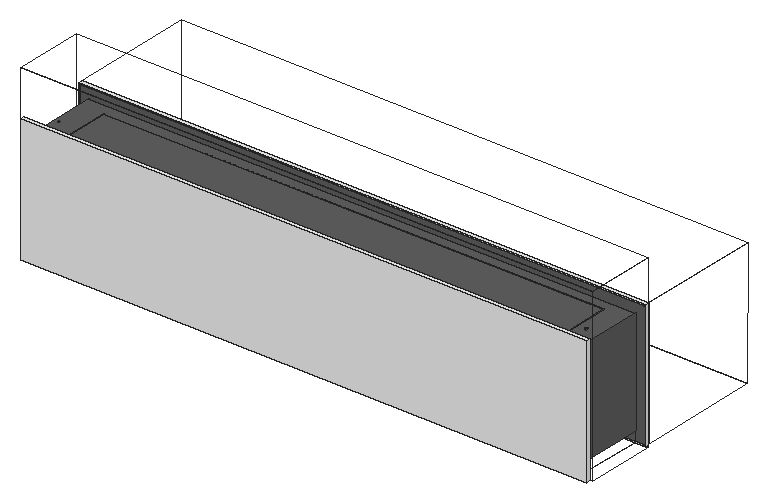
Revit family "AIRTECNICS_AIR CURTAIN_ZEN_DX-VRV_(DAIKIN)123", category Mechanical Equipment, Revit 2016
Family settings
  Part Type = Normal
  Round Connector Dimension = Use Diameter
  OmniClass Number = 23.75.70.21.17
  OmniClass Title = Air Curtains
  Work Plane-Based = No
  Always vertical = Yes
  Cut with Voids When Loaded = No
  Shared = No
  Room Calculation Point = No
Parameters (values of type "ZEN ECG 2000 DX/VRV-DA")
  · POSITION · [instance] = "-/ Select Curtain Position /-"  # constant formula
  · PIPES POSITION · [instance] = "-/ Select Pipes Position /-"  # constant formula
  · OTHERS · [instance] = "-/ Select Supports - Inst.Maint. Space /-"  # constant formula
  · HEATING · [instance] = "-/ Select Heating /-"  # constant formula
  · EXTERNAL UNIT · [instance] = "-/ Select External Unit Type /-"  # constant formula
  · COIL ROWS · [instance] = "-/ Select DX Coil Rows /-"  # constant formula
  Weight [instance] = size_lookup(Name_Lookup_Data, "Weight", 1.00 kg, COD)  # 78.00 kg
  Voltage = 230 V  # constant formula
  URL_Manufacturer = "https://www.airtecnics.com/"
  URL_Datasheet = "https://www.airtecnics.com/download/file/5860/zen-dx-daikin-1-1-and-vrv.pdf"
  Triple Phase (External Ut.) [instance] = yes
  Supports Length [instance] = 0.0 mm
  Supports (Horizontal) [instance] = if(and(Horizontal, Supports Length > 0.0 mm), 1 = 1, 1 = 0)  # no
  Single Phase (External Ut.) [instance] = not([Triple Phase (External Ut.)])  # no
  Revit Version = "Revit 2016 - English"  # constant formula
  Review Date = "10/2018"  # constant formula
  Remote Control = "-"  # constant formula
  URL = "https://www.airtecnics.com/products/heat-pump-air-curtain-zen-dx-for-daikin"
  Refrigerant Pipes_P4 [instance] = no
  Refrigerant Pipes_P3 [instance] = no
  Refrigerant Pipes_P2 [instance] = if(or(Refrigerant Pipes_P1, Refrigerant Pipes_P3, Refrigerant Pipes_P4), 1 = 0, 1 = 1)  # yes
  Refrigerant Pipes_P1 [instance] = no
  REF [instance] = if(DX 1:1, 1, 0) + if(L = 1000.0 mm, 10, 0) + if(L = 1500.0 mm, 20, 0) + if(L = 2000.0 mm, 40, 0) + if(L = 2500.0 mm, 80, 0) + if([DX Coil Rows = 3], 100, 0) + if([Triple Phase (External Ut.)], 1000, 0)  # 1041
  Product Size = if(L = 1000.0 mm, "1000", if(L = 1500.0 mm, "1500", if(L = 2000.0 mm, "2000", "2500")))  # "2000"
  Product Reference [instance] = size_lookup(Name_Lookup_Ref, "", "Consult Manufacturer", COD)  # "ZEN ECG 2000 DX24-DA"
  Product Heating [instance] = if(DX 1:1, "Direct Expansion 1:1 system", "Direct Expansion VRF system")  # "Direct Expansion 1:1 system"
  Product Description [instance] = size_lookup(Name_Lookup_Data, "", "Consult Manufacturer", COD)  # "Decorative energy saving heat pump air curtain in contemporary architectural style: Up to 70% reduction in costs and CO2 emissions (heating mode).\r\nIts minimalist and smart design integrates in any environment and offers infinite options to customize.\r\nThe panels can include logos, lighting, signage, safety or information signs, graphics, pictures, clocks, all according to customer specifications.\r\nFront anodized aluminium panels. Optionally manufactured in brushed or mirror polished stainless steel. Other materials are possible, such as galvanized steel, smooth or texturated skinplate, wood, etc.\r\nCentral structure made of galvanized steel finished in black forge as standard. Other colours are available on request. \r\nAnodized aluminium outlet vanes, airfoil shaped, adjustable in both directions.\r\nDouble-inlet centrifugal fans driven by an external rotor motor and low noise level. 5-speed selector. EC models assembled with very low consumption efficiency fans. \r\nIncludes only heating direct expansion coil with installed temperature sensors.\r\nPlug&Play control panel CS-5DX-NE slave DX with 5 speeds selector and 7m telephone cable included.\r\nReady to connect to DAIKIN Inverter outdoor heat pump unit (R410A) and EKEXV200 expansion valve not included, the customer should purchase it.\r\nRequires EKEQDCB DAIKIN DX Interface KIT adapted for air curtain and BRC1H519W programmable control, please consult.\r\nAir Volume: 4380 m3/h \r\nFans:  0,426 kW  3,72 A 230Vx1 50/60Hz\r\nHeating capacity: 23,63 kW\r\nDimensions: 291x473x2120 mm (depth, height, length)\r\nNOT SUPPLIED BY AIRTÈCNICS:\r\nEKEQDCB Interface DX kit and BRC1H519W programmable control.\r\nExpansion valve EKEXV200.\r\nExternal unit:\r\n ERQ 200 AW1External unit Daikin, triple phase motor 400Vx3 50Hz.\r\nHeating capacity 25kW. Heating power: 5,56kW. COP 4,5.\r\nCooling capacity 22,4kW. Cooling power 5,22kW. EER 4,29.\r\nCooling circuits 3/4\" - 3/8\".\r\nMaximum length 55m.\r\nDesnivell màxim 30m."
  Power Fans Factor [instance] = 0.5  # constant formula
  Power Fans [instance] = size_lookup(Name_Lookup_Data, "Power Fans", 1 kW, COD)  # 0.426 kW
  Noise Level (dB(A)) [instance] = size_lookup(Name_Lookup_Data, "Noise Level (dB(A))", 1, COD)  # 63
  Name_Lookup_Ref_EU = "ZEN_(DX DA)_Ref-EU_Lookup"  # constant formula
  Name_Lookup_Ref = "ZEN_(DX DA)_Ref_Lookup"  # constant formula
  Name_Lookup_Data = "ZEN_(DX DA)_Data_Lookup"  # constant formula
  Model = "Air Curtain ZEN DX/VRV DA"  # constant formula
  Material Panels [instance] = AIRTECNICS_Alumium Anodized
  Material Grille = AIRTECNICS_Perforated_Black Forge
  Material Curtain [instance] = AIRTECNICS_Black Forge
  Mainfolds [instance] = if(and([DX Coil Rows = 3], L = 2500.0 mm), "3/4'' & 3/8''", if(L = 2500.0 mm, "7/8'' & 3/4''", if(L = 2000.0 mm, "3/4'' & 3/8''", "5/8'' & 3/8''")))  # "3/4'' & 3/8''"
  Length = if(L = 1000.0 mm, 1220.0 mm, if(L = 1500.0 mm, 1620.0 mm, if(L = 2000.0 mm, 2120.0 mm, 2620.0 mm)))  # 2120.0 mm
  Height = 473.0 mm  # constant formula
  Gas Coil Volume [instance] = size_lookup(Name_Lookup_Data, "Gas Coil Volume", 1000.00 L, COD)  # 4.10 L
  G = 1 = 1  # yes
  Frequency = 50 Hz  # constant formula
  Fans Stage = 5  # constant formula
  Family Version = "1.0"  # constant formula
  External Ut. Reference [instance] = size_lookup(Name_Lookup_Ref_EU, "", "Consult Manufacturer", REF)  # "ERQ 200 AW1"
  Expansion Valve [instance] = if(COD = 80, "EKEXV 250", if(or(COD = 180, COD = 81, COD = 181, COD = 40, COD = 140, COD = 41), "EKEXV 200", if(or(COD = 20, COD = 21), "EKEXV 125", if(or(COD = 120, COD = 121, COD = 10), "EKEXV 100", if(COD = 11, "EKEXV 80", "Consult Manufacturer")))))  # "EKEXV 200"
  EC = 1 = 1  # yes
  Dn_Metric_Refrig_Liquid [instance] = if(and([DX Coil Rows = 3], L = 2500 mm), 10 mm, if(L = 2500 mm, 20 mm, 10 mm))  # 10 mm
  Dn_Metric_Refrig_Gas [instance] = if(and([DX Coil Rows = 3], L = 2500 mm), 20 mm, if(or(L = 2500 mm, L = 2000 mm), 20 mm, 16 mm))  # 20 mm
  Depth = 291.0 mm  # constant formula
  DX VRV [instance] = no
  DX Kit [instance] = if(DX VRV, "EKEQMCBA", "EKEQDCB")  # "EKEQDCB"
  DX Controller [instance] = "BRC1H519W"  # constant formula
  DX Coil Rows = 4 [instance] = yes
  DX Coil Rows = 3 [instance] = if([DX Coil Rows = 4], 1 = 0, 1 = 1)  # no
  DX 1:1 [instance] = not(DX VRV)  # yes
  Current Fans [instance] = size_lookup(Name_Lookup_Data, "Current Fans", 1 A, COD)  # 3.72 A
  Created by = "BIMETRICAL"  # constant formula
  Control [instance] = "CS-5DX-NE"  # constant formula
  Capacity_Frig_Liquid [instance] = 0.0 L/s
  Capacity_Frig_Gas [instance] = 0.0 L/s
  Cable = "CB7"  # constant formula
  COD [instance] = if(DX 1:1, 1, 0) + if(L = 1000.0 mm, 10, 0) + if(L = 1500.0 mm, 20, 0) + if(L = 2000.0 mm, 40, 0) + if(L = 2500.0 mm, 80, 0) + if([DX Coil Rows = 3], 100, 0)  # 41
  Aspiration/Maintenance Space [instance] = yes
  Apparent Load [instance] = size_lookup(Name_Lookup_Data, "Apparent Load", 1 VA, COD)  # 852 VA
  Airflow [instance] = size_lookup(Name_Lookup_Data, "Airflow", 1 m³/h, COD)  # 4380 m³/h
  A [instance] = if(Horizontal, 236.5 mm, 0.0 mm)  # 236.5 mm
  L = 2000.0 mm
  Type Image = <None>
  IfcExportType = "DXCOOLINGCOIL"  # constant formula
  IfcExportAs = "IfcCoilType"  # constant formula
  Horizontal [instance] = 1 = 1  # yes
  Manufacturer = "AIRTECNICS"  # constant formula
  Description = ""
  Type Comments = "Decorative air curtain in contemporary architectural style. Its minimalist and smart design integrates in any environment and offers infinite options to customize.\r\nThe panels can include logos, lighting, signage, safety or information signs, graphics, pictures, clocks, all according to customer specifications.\r\nFront anodized aluminium panels. Optionally manufactured in brushed or mirror polished stainless steel. Other materials are possible, such as galvanized steel, smooth or texturated skinplate, wood, etc.\r\nCentral structure made of galvanized steel finished in black forge as standard. Other colours are available on request.\r\nAnodized aluminium outlet vanes, airfoil shaped, adjustable in both directions.\r\nDouble-inlet centrifugal fans driven by an external rotor motor and low noise level. 5-speed selector. EC models assembled with very low consumption efficiency fans.\r\n“P” type with water heated coil. “E” type with electrical shielded elements, three stages with integrated regulation. “A” type without heating, air only. Optional expansion DX coil.\r\nIncludes Plug&Play control with 7m RJ45 cable and infrared remote control. Optional: Clever control (programmable, automatic, intelligent, energy saving, Modbus RTU for BMS…)"  # constant formula
  BIMETRICAL Category = "Coil"  # constant formula
  BIMETRICAL = "http://www.bimetrical.com"  # constant formula
  Angle [instance] = if(Horizontal, 0.00°, 90.00°)  # 0.00°
Reference planes
  plane 1 "Centro (Frontal/Posterior)": z = 0
  plane 2: y = 246.57
  plane 3 "Centro (Izquierda/Derecha)": x = 0
  plane 4 "Susp": z = 236.5
Lines and regions (mm)
  reference lines
    curve 1: line (0, 246.57, 236.5) -> (-145, 246.57, 236.5)
Dimensions and locks
  locked: plane 2 to nested 1 at 145.5
  "A": plane 4 "Susp" to plane 1 "Centro (Frontal/Posterior)"
  "Angle": angle plane 4 "Susp" to curve 1
  aligned and locked: plane 3 "Centro (Izquierda/Derecha)" to curve 1
  aligned and locked: plane 4 "Susp" to curve 1
Nested families
  nested 1: "GEOM_ZEN_(DX)" at (0, 246.57, 236.5) x (0, 0, -1) z (1, 0, 0), type "GEOM_ZEN_(P)"
    with M 2066.5 mm, J 1014.0 mm, G 1022.0 mm, Dn_Metric_Refrig_Liquid 10 mm, COD 424, L 2000.0 mm, I 2044.0 mm, F 1990.0 mm, E 2120.0 mm, A 2015.0 mm
Connectors
  electrical at (-1007.5, 215.07, 433), driven by "Apparent Load", driven by "Voltage", driven by "Power Fans Factor", driven by "Apparent Load"
    settings: on nested 1, index 3, voltage 230 V, apparent load 852 VA, apparent load phase1 852 VA, apparent load phase2 0 VA, apparent load phase3 0 VA, power factor 0.5, load classification "HVAC", number of poles 1, system type 30, power factor state 1, is connector primary yes, connector utility no, sub classification motor no, connector description ""
  piping at (967, 155.07, 433), diameter 20, driven by "Dn_Metric_Refrig_Gas", driven by "Capacity_Frig_Gas"
    settings: on nested 1, index 4, connector inside diameter 609.6 mm, connector length 0.0 mm, flow factor 0, pipe flow 0.0 L/s, pressure drop 0.0 Pa, fitting loss kfactor 0, connector angle 0.00°, fixture units 0, engagement length 0.0 mm, angle of deflection 0.00°, flow configuration 1, flow direction 1, fitting loss method 0, system type 7, joint type 0, gender type 0, connector reference index -1, connector utility 0, adjustable connector no, is connector primary yes, connector description "In"
  piping at (967, 215.07, 433), diameter 10, driven by "Dn_Metric_Refrig_Liquid", driven by "Capacity_Frig_Liquid"
    settings: on nested 1, index 5, connector inside diameter 609.6 mm, connector length 0.0 mm, flow factor 0, pipe flow 0.0 L/s, pressure drop 0.0 Pa, fitting loss kfactor 0, connector angle 0.00°, fixture units 0, engagement length 0.0 mm, angle of deflection 0.00°, flow configuration 1, flow direction 2, fitting loss method 0, system type 8, joint type 0, gender type 0, connector reference index -1, connector utility 0, adjustable connector no, is connector primary no, connector description "Out"
Definition of nested family "GEOM_ZEN_(DX)"
  Parameters (values of type "GEOM_ZEN_(DX)")
    des.D = if(or(and(Vertical Right, V1), Horizontal), 361.0 mm, 0.0 mm)  # 361.0 mm
    des.C = if(or(and(Vertical Right, V1), Horizontal), 0.0 mm, 392.0 mm)  # 0.0 mm
    des.B = if(or(and(Vertical Right, V1), Horizontal), 0.0 mm, 298.3 mm)  # 0.0 mm
    Z = if(Horizontal, 0.0 mm, if(L = 1000.0 mm, E / 2 + 18.0 mm, E / 2 + 20.0 mm))  # 830.0 mm
    Vsup1 = if(and(Vsup, Horizontal, L_Sup > 0.0 mm), 1 = 1, 1 = 0)  # no
    Vsup = no
    Vs2 = if(L > 2000.0 mm, 1 = 1, 1 = 0)  # no
    Vs1 = if(L > 1000.0 mm, 1 = 1, 1 = 0)  # yes
    Vinst2 = if(or(Vinst1, not([Aspiration/Maintenance Space])), 1 = 0, 1 = 1)  # yes
    Vinst1 = if(and([Aspiration/Maintenance Space], V2), 1 = 1, 1 = 0)  # no
    Vertical Right = yes
    Vertical Left = if(Vertical Right, 1 = 0, 1 = 1)  # no
    Vertical = if(and(not(Horizontal), or(Vertical Right, Vertical Left)), 1 = 1, 1 = 0)  # yes
    V2 = if(Horizontal, 1 = 0, if(or(Horizontal, Vertical Left), 1 = 1, 1 = 0))  # no
    V1 = if(Horizontal, 1 = 1, if(and(Vertical Right, Vertical), 1 = 1, 1 = 0))  # yes
    Revit Version = "Revit 2016 - English"  # constant formula
    Review Date = "10/18"  # constant formula
    Refrigerant Pipes_P4 = no
    Refrigerant Pipes_P3 = no
    Refrigerant Pipes_P2 = yes
    Refrigerant Pipes_P1 = no
    O = if(L = 1000.0 mm, 54.5 mm, 52.5 mm)  # 52.5 mm
    Model = "ZEN DX"  # constant formula
    Material Perforated = none
    Material Panels = none
    Material Curtain = none
    Family Version = "2.0"  # constant formula
    Manufacturer = "AIRTECNICS"  # constant formula
    M = if(L = 1000.0 mm, L + 162.5 mm, L + 66.5 mm)  # 1566.5 mm
    Lookup_Dimensions.C2_Name = "C2_Dimensions_Lookup"  # constant formula
    Lookup_Dimensions.C1_Name = "C1_Dimensions_Lookup"  # constant formula
    L_Sup = 0.0 mm
    K = if(L = 2500.0 mm, 833.0 mm, 0.0 mm)  # 0.0 mm
    J = if(L = 1500.0 mm, 764.0 mm, if(L = 2000.0 mm, 1014.0 mm, if(L = 2500.0 mm, 847.0 mm, 573.5 mm)))  # 764.0 mm
    H = des.A + 51.0 mm  # 428.5 mm
    G = if(Vertical, I + 58.0 mm, F / 2 + 27.0 mm)  # 1602.0 mm
    Dn_Metric_Refrig_Liquid = 20 mm
    Dn_Metric_Refrig_Gas = 20 mm
    Created by = "BIMETRICAL"  # constant formula
    COD = if(and(Vertical Right, Vertical), 1, 0) + if(and(Vertical Left, Vertical), 2, 0) + if(Horizontal, 4, 0) + if(Refrigerant Pipes_P1, 10, 0) + if(Refrigerant Pipes_P2, 20, 0) + if(Refrigerant Pipes_P3, 40, 0) + if(Refrigerant Pipes_P4, 80, 0) + if(L = 1000.0 mm, 100, 0) + if(L = 1500.0 mm, 200, 0) + if(L = 2000.0 mm, 400, 0) + if(L = 2500.0 mm, 800, 0)  # 221
    C2_D = size_lookup(Lookup_Dimensions.C2_Name, "C2_D", 98.0 mm, COD)  # 98.0 mm
    C2_C = size_lookup(Lookup_Dimensions.C2_Name, "C2_C", 34.5 mm, COD)  # 34.5 mm
    C2_B = size_lookup(Lookup_Dimensions.C2_Name, "C2_B", 34.5 mm, COD)  # 34.5 mm
    C2_A = size_lookup(Lookup_Dimensions.C2_Name, "C2_A", 55.0 mm, COD)  # 55.0 mm
    C1_D = size_lookup(Lookup_Dimensions.C1_Name, "C1_D", 38.0 mm, COD)  # 38.0 mm
    C1_C = size_lookup(Lookup_Dimensions.C1_Name, "C1_C", 34.5 mm, COD)  # 34.5 mm
    C1_B = size_lookup(Lookup_Dimensions.C1_Name, "C1_B", 34.5 mm, COD)  # 34.5 mm
    C1_A = size_lookup(Lookup_Dimensions.C1_Name, "C1_A", 55.0 mm, COD)  # 55.0 mm
    L = 1500.0 mm
    des.A = if(or(and(Vertical Right, V1), Horizontal), 377.5 mm, 0.0 mm)  # 377.5 mm
    I = if(L = 1000.0 mm, L + 140.0 mm, L + 44.0 mm)  # 1544.0 mm
    Horizontal = no
    F = I - 54.0 mm  # 1490.0 mm
    E = if(L = 1000.0 mm, L + 220.0 mm, L + 120.0 mm)  # 1620.0 mm
    Default Elevation = 1219.2 mm
    BIMETRICAL = "http://www.bimetrical.com/"  # constant formula
    Aspiration/Maintenance Space = yes
    A.Conn_S = if(or(and(Vertical Right, V1), Horizontal), 180.00°, 0.00°)  # 180.00°
    A.Conn_E = if(or(and(Vertical Right, V1), Horizontal), 180.00°, 0.00°)  # 180.00°
    A.Conn_2 = size_lookup(Lookup_Dimensions.C2_Name, "A.Conn_2", 0.00°, COD)  # 0.00°
    A.Conn_1 = size_lookup(Lookup_Dimensions.C1_Name, "A.Conn_1", 0.00°, COD)  # 0.00°
    A = if(L = 1000.0 mm, L + 115.0 mm, L + 15.0 mm)  # 1515.0 mm
  Types (2, lengths in mm): name | Z | Vertical Right | Vertical Left | Vertical | G | COD | Horizontal
    GEOM_ZEN_(DX) | 830.0 | yes | no | yes | 1602.0 | 221 | no
    GEOM_ZEN_(P) | 0.0 | no | yes | no | 772.0 | 224 | yes
  Reference planes
    plane 1 "Centro (Frontal/Posterior)": y = 0
    plane 2: z = 0
    plane 3 "Centro (Izquierda/Derecha)": x = 0
    plane 4: z = 830
    plane 5: y = -73.25
    plane 6: x = -196.5
    plane 7: z = 1547
    plane 8 "TUBERIA 1": y = -91.5
    plane 9: z = 1602
    plane 10 "TUBERIA 2": x = -162
    plane 11: x = -196.5
    plane 12: y = -129.5
    plane 13: x = 181
    plane 14: x = 196.495
    plane 15: x = -162
    plane 16: z = 1547
    plane 17: y = -31.5
    plane 18: z = 2639.027
    plane 19: z = 20
    plane 20: z = 1639
    plane 21: z = 838
    plane 22: z = 838
    plane 23: z = 72.5
    plane 24: y = -31.5
    plane 25: y = -91.5
  Forms (mm)
    Extrusion 1, solid
      sketch origin (0, 0, 0) x (1, 0, 0) y (0, 1, 0)
        loop
          line (-1219.2, 1219.2) -> (-1219.2, -1219.2) -> (1219.2, -1219.2) -> (1219.2, 1219.2) -> (-1219.2, 1219.2)
      from 0 to -304.8
    Extrusion 2, solid, material <- "Material Panels"
      sketch origin (0, 0, 889.252) x (0, -1, 0) y (1, 0, 0)
        loop
          line (-145.5, 236.5) -> (-145.5, -236.5) -> (-129.5, -236.5) -> (-129.5, 236.5) -> (-145.5, 236.5)
        loop
          line (145.5, 236.5) -> (129.5, 236.5) -> (129.5, -236.5) -> (145.5, -236.5) -> (145.5, 236.5)
      from -869.252 to 750.748
    Extrusion 3, solid, material <- "Material Curtain"
      sketch origin (0, 0, 889.252) x (0, -1, 0) y (0, 0, 1)
        loop
          line (-129.5, 712.748) -> (-129.5, -831.252) -> (129.5, -831.252) -> (129.5, 712.748) -> (-129.5, 712.748)
      from -196.5 to 196.5
    Extrusion 4, void, detail levels medium+fine
      sketch origin (-64.7, -73.5, 0) x (1, 0, 0) y (0, 1, 0)
        loop
          line (261.195, -34.75) -> (261.195, 35.25) -> (245.7, 35.25) -> (245.7, -34.75) -> (261.195, -34.75)
      from 85 to 1575
    Extrusion 5, solid, visible <- "V1", detail levels medium+fine
      sketch origin (0, 0, 1310) x (0, -1, 0) y (-1, 0, 0)
        loop
          line (58.464, -173.27) -> (61.756, -192)
          arc (61.756, -192) -> (63.451, -193.452) -> (65.121, -191.97) r 1.698
          line (65.121, -191.97) -> (68.095, -172.627)
          arc (68.095, -172.627) -> (62.951, -168.018) -> (58.464, -173.27) r 4.828
        loop
          line (78.553, -172.822) -> (81.504, -192.726)
          arc (81.504, -192.726) -> (83.138, -193.439) -> (84.08, -191.926) r 1.363
          line (84.08, -191.926) -> (87.529, -172.626)
          arc (87.529, -172.626) -> (82.938, -168.001) -> (78.553, -172.822) r 4.495
      from -265 to 1225
    Extrusion 6, solid, visible <- "V2", detail levels medium+fine
      sketch origin (0, 0, 1310) x (0, 1, 0) y (1, 0, 0)
        loop
          arc (-58.774, -173.603) -> (-59.776, -170.312) -> (-62.811, -168.693) r 4.495
          line (-62.811, -168.693) -> (-63.684, -168.693)
          arc (-63.684, -168.693) -> (-66.482, -170.045) -> (-67.734, -172.889) r 4.495
          line (-67.734, -172.889) -> (-64.759, -192.231)
          arc (-64.759, -192.231) -> (-63.451, -193.452) -> (-62.062, -192.325) r 1.363
          line (-62.062, -192.325) -> (-58.774, -173.603)
        loop
          arc (-84.395, -192.262) -> (-83.058, -193.451) -> (-81.696, -192.291) r 1.363
          line (-81.696, -192.291) -> (-78.88, -173.603)
          arc (-78.88, -173.603) -> (-79.882, -170.312) -> (-82.917, -168.693) r 4.495
          line (-82.917, -168.693) -> (-83.79, -168.693)
          arc (-83.79, -168.693) -> (-86.614, -170.073) -> (-87.844, -172.966) r 4.495
          line (-87.844, -172.966) -> (-84.395, -192.262)
      from -265 to 1225
    Extrusion 7, solid, material <- "Material Curtain", visible <- "Vertical"
      sketch origin (-779.074, -4572, 1549) x (-1, 0, 0) y (0, -1, 0)
        loop
          line (-586.574, -4698.5) -> (-586.574, -4445.5) -> (-971.574, -4445.5) -> (-971.574, -4698.5) -> (-586.574, -4698.5)
      from -1491 to -1549
    Extrusion 8, void
      sketch origin (0, 0, 0) x (1, 0, 0) y (0, 1, 0)
        loop
          line (-235.5, -129.5) -> (-235.5, -130.5) -> (235.5, -130.5) -> (235.5, -129.5) -> (-235.5, -129.5)
        loop
          line (-235.5, 129.5) -> (235.5, 129.5) -> (235.5, 130.5) -> (-235.5, 130.5) -> (-235.5, 129.5)
      from 21.044 to 1639.012
    Extrusion 9, void, detail levels medium+fine
      sketch origin (0, -0.321, 0) x (0, 1, 0) y (0, 0, 1)
        loop
          line (-102.318, 1514.4) -> (-102.318, 145.6) -> (90.521, 145.6) -> (90.521, 1514.4) -> (-102.318, 1514.4)
      from -101.8 to -196.5
    Extrusion 10, solid, material <- "Material Perforated"
      sketch origin (-60, 0, 0) x (0, 1, 0) y (0, 0, 1)
        loop
          line (-102.639, 1514.4) -> (-102.639, 145.6) -> (90.2, 145.6) -> (90.2, 1514.4) -> (-102.639, 1514.4)
      from -136.5 to -135.5
    Extrusion 11, solid, detail levels medium+fine
      sketch origin (-64.7, -73.5, 1575) x (0, 1, 0) y (1, 0, 0)
        loop
          line (16.25, 261.2) -> (-15.75, 261.2) -> (-15.75, 229.2) -> (16.25, 229.2) -> (16.25, 261.2)
      from 0 to 3
    Extrusion 12, solid, detail levels medium+fine
      sketch origin (-64.7, -73.5, 85) x (1, 0, 0) y (0, 1, 0)
        loop
          line (229.2, 16.25) -> (229.2, -15.75) -> (261.2, -15.75) -> (261.2, 16.25) -> (229.2, 16.25)
      from 0 to 3
    Extrusion 13, solid, visible <- "Vs1", detail levels medium+fine
      sketch origin (0, -702.852, 838) x (0, -1, 0) y (1, 0, 0)
        loop
          line (-645.602, 164.5) -> (-613.602, 164.5) -> (-613.602, 196.5) -> (-645.602, 196.5) -> (-645.602, 164.5)
      from 0 to -3
    Extrusion 14, solid, material <- "Material Curtain", visible <- "Vs1", detail levels medium+fine
      sketch origin (0, -702.852, 835) x (1, 0, 0) y (0, -1, 0)
        loop
          line (196.5, -664.602) -> (196.5, -594.602) -> (164.5, -594.602) -> (164.5, -664.602) -> (196.5, -664.602)
      from 0 to 10
    Extrusion 15, solid, visible <- "Vs1", detail levels medium+fine
      sketch origin (0, -702.852, 825) x (0, 1, 0) y (1, 0, 0)
        loop
          line (645.602, 164.5) -> (645.602, 196.5) -> (613.602, 196.5) -> (613.602, 164.5) -> (645.602, 164.5)
      from 0 to 3
    Extrusion 16, solid, visible <- "Vs2", detail levels medium+fine
      sketch origin (0, -702.852, 838) x (0, -1, 0) y (1, 0, 0)
        loop
          line (-645.602, 164.5) -> (-613.602, 164.5) -> (-613.602, 196.5) -> (-645.602, 196.5) -> (-645.602, 164.5)
      from 0 to -3
    Extrusion 17, solid, material <- "Material Curtain", visible <- "Vs2", detail levels medium+fine
      sketch origin (0, -702.852, 835) x (1, 0, 0) y (0, -1, 0)
        loop
          line (164.5, -664.602) -> (196.5, -664.602) -> (196.5, -594.602) -> (164.5, -594.602) -> (164.5, -664.602)
      from 0 to 10
    Extrusion 18, solid, visible <- "Vs2", detail levels medium+fine
      sketch origin (0, -702.852, 825) x (0, 1, 0) y (1, 0, 0)
        loop
          line (645.602, 164.5) -> (645.602, 196.5) -> (613.602, 196.5) -> (613.602, 164.5) -> (645.602, 164.5)
      from 0 to 3
    Extrusion 19, solid, material <- "Material Curtain"
      sketch origin (-196.5, -31.5, 72.5) x (0, 0, 1) y (0, 1, 0)
        loop
          line (2.5, -2.5) -> (2.5, 2.5) -> (-2.5, 2.5) -> (-2.5, -2.5) -> (2.5, -2.5)
      from 0 to -1
    Extrusion 20, solid, visible <- "Vsup1"
      sketch origin (-196.5, -101, 1255.5) x (0, 0, 1) y (0, 1, 0)
        loop
          circle (332, 202) r 4
        loop
          circle (332, 0) r 4
        loop
          circle (-1183, 0) r 4
        loop
          circle (-1183, 202) r 4
      from -1 to 0
    Extrusion 21, solid, visible <- "Vinst2"
      sketch origin (0, -31.5, 92.379) x (0, 0, 1) y (1, 0, 0)
        loop
          line (1509.621, 236.5) -> (1509.621, -196.5) -> (-34.379, -196.5) -> (-34.379, 236.5) -> (-82.379, 236.5) -> (-82.379, -398.063) -> (1557.621, -398.063) -> (1557.621, 236.5) -> (1509.621, 236.5)
      from -98 to 161
    Extrusion 22, solid, visible <- "Vinst1"
      sketch origin (0, -31.5, 92.379) x (0, 0, 1) y (1, 0, 0)
        loop
          line (1509.621, -236.5) -> (1557.621, -236.5) -> (1557.621, 398.063) -> (-82.379, 398.063) -> (-82.379, -236.5) -> (-34.379, -236.5) -> (-34.379, 196.5) -> (1509.621, 196.5) -> (1509.621, -236.5)
      from -98 to 161
    Extrusion 23, solid, visible <- "Aspiration/Maintenance Space"
      sketch origin (0, 0, 1640) x (0, -1, 0) y (1, 0, 0)
        loop
          line (-129.5, 236.5) -> (-609.5, 236.5) -> (-609.5, -236.5) -> (-129.5, -236.5) -> (-129.5, 236.5)
      from 0 to -1620
    Extrusion 24, solid, material <- "Material Curtain"
      sketch origin (-196.5, -31.5, 1547) x (0, 1, 0) y (0, 0, -1)
        loop
          circle (0, 0) r 10
      from 0 to -1
    Extrusion 25, solid, material <- "Material Curtain"
      sketch origin (-196.5, -91.5, 1547) x (0, 1, 0) y (0, 0, -1)
        loop
          circle (0, 0) r 10
      from 0 to -1
    Extrusion 26, solid, material <- "Material Curtain"
      sketch origin (0, 0, 1639.012) x (0, 1, 0) y (1, 0, 0)
        loop
          line (130.5, 235.5) -> (129.5, 235.5) -> (129.5, -235.5) -> (130.5, -235.5) -> (130.5, 235.5)
        loop
          line (-129.5, 235.5) -> (-130.5, 235.5) -> (-130.5, -235.5) -> (-129.5, -235.5) -> (-129.5, 235.5)
      from 0 to 1617.967
  Cuts and joins
    Extrusion 4, Extrusion 8 cuts Extrusion 2
    Extrusion 4, Extrusion 9 cuts Extrusion 3
  Lines and regions (mm)
    reference lines
      curve 1: line (-162, -31.5, 1547) -> (-196.5, -31.5, 1547)
      curve 2: line (-196.5, -31.5, 72.5) -> (0, -31.5, 72.5)
      curve 3: line (-196.5, -101, 1255.5) -> (0, -101, 1255.5)
      curve 83: line (-162, -91.5, 1547) -> (-196.5, -91.5, 1547)
    symbolic lines
      curve 4: line (-236.5, 145.5, 1255.5) -> (236.5, 145.5, 1255.5)
      curve 5: line (-236.5, 129.5, 1255.5) -> (-236.5, 145.5, 1255.5)
      curve 6: line (236.5, 129.5, 1255.5) -> (-236.5, 129.5, 1255.5)
      curve 7: line (236.5, 145.5, 1255.5) -> (236.5, 129.5, 1255.5)
      curve 8: line (-196.5, 129.5, 1255.5) -> (196.5, 129.5, 1255.5)
      curve 9: line (-196.5, -129.5, 1255.5) -> (-196.5, 129.5, 1255.5)
      curve 10: line (196.5, -129.5, 1255.5) -> (-196.5, -129.5, 1255.5)
      curve 11: line (196.5, 129.5, 1255.5) -> (196.5, -129.5, 1255.5)
      curve 12: line (-236.5, -145.5, 1255.5) -> (236.5, -145.5, 1255.5)
      curve 13: line (-236.5, -129.5, 1255.5) -> (-236.5, -145.5, 1255.5)
      curve 14: line (236.5, -129.5, 1255.5) -> (-236.5, -129.5, 1255.5)
      curve 15: line (236.5, -145.5, 1255.5) -> (236.5, -129.5, 1255.5)
      curve 16: line (0, 145.5, 1640) -> (0, 129.5, 1640)
      curve 17: line (0, 145.5, 20) -> (0, 145.5, 1640)
      curve 18: line (0, 129.5, 20) -> (0, 145.5, 20)
      curve 19: line (0, 129.5, 1640) -> (0, 129.5, 20)
      curve 20: line (0, -145.5, 1640) -> (0, -129.5, 1640)
      curve 21: line (0, -145.5, 20) -> (0, -145.5, 1640)
      curve 22: line (0, -129.5, 20) -> (0, -145.5, 20)
      curve 23: line (0, -129.5, 1640) -> (0, -129.5, 20)
      curve 24: line (0, -129.5, 1602) -> (0, 129.5, 1602)
      curve 25: line (0, -129.5, 58) -> (0, -129.5, 1602)
      curve 26: line (0, 129.5, 58) -> (0, -129.5, 58)
      curve 27: line (0, 129.5, 1602) -> (0, 129.5, 58)
      curve 70: line (0, -58.444, 1575) -> (0, -68.095, 1575)
      curve 71: line (0, -58.444, 85) -> (0, -58.444, 1575)
      curve 72: line (0, -68.095, 85) -> (0, -58.444, 85)
      curve 73: line (0, -68.095, 1575) -> (0, -68.095, 85)
      curve 74: line (0, -78.541, 1575) -> (0, -87.838, 1575)
      curve 75: line (0, -78.541, 85) -> (0, -78.541, 1575)
      curve 76: line (0, -87.838, 85) -> (0, -78.541, 85)
      curve 77: line (0, -87.838, 1575) -> (0, -87.838, 85)
    symbolic lines, visible <- "Vertical"
      curve 28: line (0, 126.5, 0) -> (0, -126.5, 0)
      curve 29: line (0, 126.5, 58) -> (0, 126.5, 0)
      curve 30: line (0, -126.5, 58) -> (0, 126.5, 58)
      curve 31: line (0, -126.5, 0) -> (0, -126.5, 58)
    symbolic lines, visible <- "Aspiration/Maintenance Space"
      curve 32: line (-236.5, 129.5, 1255.5) -> (236.5, 129.5, 1255.5)
      curve 33: line (-236.5, 609.5, 1255.5) -> (-236.5, 129.5, 1255.5)
      curve 34: line (236.5, 609.5, 1255.5) -> (-236.5, 609.5, 1255.5)
      curve 35: line (236.5, 129.5, 1255.5) -> (236.5, 609.5, 1255.5)
      curve 44: line (0, 129.5, 1640) -> (0, 609.5, 1640)
      curve 45: line (0, 129.5, 20) -> (0, 129.5, 1640)
      curve 46: line (0, 609.5, 20) -> (0, 129.5, 20)
      curve 47: line (0, 609.5, 1640) -> (0, 609.5, 20)
    symbolic lines, visible <- "Vinst1"
      curve 36: line (196.5, 129.5, 1255.5) -> (398.063, 129.5, 1255.5)
      curve 37: line (196.5, -129.5, 1255.5) -> (196.5, 129.5, 1255.5)
      curve 38: line (398.063, -129.5, 1255.5) -> (196.5, -129.5, 1255.5)
      curve 39: line (398.063, 129.5, 1255.5) -> (398.063, -129.5, 1255.5)
      curve 48: line (-236.5, -31.5, 1650) -> (398.063, -31.5, 1650)
      curve 49: line (398.063, -31.5, 1650) -> (398.063, -31.5, 10)
      curve 50: line (398.063, -31.5, 10) -> (-236.5, -31.5, 10)
      curve 84: line (-236.5, -91.5, 1640) -> (-236.5, -91.5, 1650)
      curve 85: line (-236.5, -91.5, 10) -> (-236.5, -91.5, 20)
    symbolic lines, visible <- "Vinst2"
      curve 40: line (-398.063, 129.5, 1255.5) -> (-196.5, 129.5, 1255.5)
      curve 41: line (-398.063, -129.5, 1255.5) -> (-398.063, 129.5, 1255.5)
      curve 42: line (-196.5, -129.5, 1255.5) -> (-398.063, -129.5, 1255.5)
      curve 43: line (-196.5, 129.5, 1255.5) -> (-196.5, -129.5, 1255.5)
      curve 51: line (236.5, -31.5, 10) -> (-398.063, -31.5, 10)
      curve 52: line (-398.063, -31.5, 10) -> (-398.063, -31.5, 1650)
      curve 53: line (-398.063, -31.5, 1650) -> (236.5, -31.5, 1650)
      curve 78: line (236.5, -31.5, 10) -> (236.5, -31.5, 20)
      curve 86: line (236.5, -91.5, 2650) -> (236.5, -91.5, 2642)
      curve 87: line (236.5, -91.5, 1640) -> (236.5, -91.5, 1650)
    symbolic lines, visible <- "V2"
      curve 54: arc (-173.603, -58.774, 1255.5) -> (-168.686, -62.891, 1255.5) -> (-172.889, -67.734, 1255.5) r 4.495
      curve 55: arc (-192.231, -64.759, 1255.5) -> (-193.452, -63.451, 1255.5) -> (-192.325, -62.062, 1255.5) r 1.363
      curve 56: arc (-173.494, -78.864, 1255.5) -> (-168.679, -83.098, 1255.5) -> (-172.998, -87.838, 1255.5) r 4.495
      curve 57: arc (-192.262, -84.395, 1255.5) -> (-193.451, -83.058, 1255.5) -> (-192.291, -81.696, 1255.5) r 1.363
      curve 58: line (-172.889, -67.734, 1255.5) -> (-192.231, -64.759, 1255.5)
      curve 59: line (-192.325, -62.062, 1255.5) -> (-173.603, -58.774, 1255.5)
      curve 60: line (-172.998, -87.838, 1255.5) -> (-192.262, -84.395, 1255.5)
      curve 61: line (-192.291, -81.696, 1255.5) -> (-173.494, -78.864, 1255.5)
    symbolic lines, visible <- "V1"
      curve 62: arc (173.27, -58.464, 1255.5) -> (168.018, -62.951, 1255.5) -> (172.627, -68.095, 1255.5) r 4.828
      curve 63: arc (191.97, -65.121, 1255.5) -> (193.452, -63.451, 1255.5) -> (192, -61.756, 1255.5) r 1.698
      curve 64: arc (172.822, -78.553, 1255.5) -> (168.001, -82.938, 1255.5) -> (172.626, -87.529, 1255.5) r 4.495
      curve 65: arc (191.926, -84.08, 1255.5) -> (193.439, -83.138, 1255.5) -> (192.726, -81.504, 1255.5) r 1.363
      curve 66: line (172.627, -68.095, 1255.5) -> (191.97, -65.121, 1255.5)
      curve 67: line (192, -61.756, 1255.5) -> (173.27, -58.464, 1255.5)
      curve 68: line (172.626, -87.529, 1255.5) -> (191.926, -84.08, 1255.5)
      curve 69: line (192.726, -81.504, 1255.5) -> (172.822, -78.553, 1255.5)
    symbolic lines, visible <- "Vsup1"
      curve 79: circle (0, 101, 1587.5) r 4 normal (1, 0, 0)
      curve 80: circle (0, -101, 1587.5) r 4 normal (1, 0, 0)
      curve 81: circle (0, 101, 72.5) r 4 normal (1, 0, 0)
      curve 82: circle (0, -101, 72.5) r 4 normal (1, 0, 0)
  Dimensions and locks
    Extrusion 2 sketch curve to Extrusion 2 sketch curve = 473.0 mm  (x2)
    Extrusion 3 sketch curve to Extrusion 3 sketch curve = 1544.0 mm
    locked: Extrusion 3 to Extrusion 3 at 393
    "E": Extrusion 2 to Extrusion 2
    equal spacing: Extrusion 2, plane 4, Extrusion 2
    equal spacing: Extrusion 3, plane 4, Extrusion 3
    "I": Extrusion 3 to Extrusion 3
    locked: Extrusion 2 to Extrusion 2 at 473
    locked: Extrusion 2 to Extrusion 2 at 16  (x2)
    locked: Extrusion 2 to Extrusion 2 at 291
    "Z": plane 4 to level
    equal spacing: Extrusion 2, plane 3 "Centro (Izquierda/Derecha)", Extrusion 2
    equal spacing: Extrusion 3, plane 3 "Centro (Izquierda/Derecha)", Extrusion 3
    equal spacing: Extrusion 2, plane 1 "Centro (Frontal/Posterior)", Extrusion 2
    locked: plane 1 "Centro (Frontal/Posterior)" to plane 5 at 73.25
    equal spacing: Extrusion 6, plane 4, Extrusion 6
    "F": Extrusion 6 to Extrusion 6
    "C1_A": plane 9 to plane 7
    locked: plane 3 "Centro (Izquierda/Derecha)" to plane 11 at 196.5
    "C1_B": plane 11 to plane 10 "TUBERIA 2"
    locked: plane 1 "Centro (Frontal/Posterior)" to plane 12 at 129.5
    "G": plane 9 to level
    locked: plane 13 to plane 14 at 15.495
    locked: Extrusion 4 sketch curve to Extrusion 4 sketch curve at 70
    equal spacing: Extrusion 4 sketch curve, plane 5, Extrusion 4 sketch curve
    locked: Extrusion 7 to Extrusion 7 at 58
    locked: plane 11 to Extrusion 5 sketch curve at 364.507
    locked: plane 11 to Extrusion 5 sketch curve at 364.5
    locked: plane 11 to Extrusion 5 sketch curve at 389.952
    locked: plane 11 to Extrusion 5 sketch curve at 390
    "C2_B": plane 11 to plane 15
    "C2_A": plane 9 to plane 16
    "C2_D": plane 17 to plane 12
    "C2_C": curve 1 to curve 1
    locked: cut or joined group of Extrusion 2, Extrusion 4, Extrusion 8 to Extrusion 8 sketch curve at 1
    locked: Extrusion 8 sketch curve to cut or joined group of Extrusion 2, Extrusion 4, Extrusion 8 at 1
    plane 18 to cut or joined group of Extrusion 2, Extrusion 4, Extrusion 8 = 999.027 mm
    equal spacing: Extrusion 7, plane 1 "Centro (Frontal/Posterior)", Extrusion 7
    locked: Extrusion 7 to Extrusion 7 at 253
    equal spacing: Extrusion 7, plane 3 "Centro (Izquierda/Derecha)", Extrusion 7
    locked: Extrusion 7 to Extrusion 7 at 385
    locked: Extrusion 9 sketch curve to plane 9 at 87.6
    locked: Extrusion 9 sketch curve to cut or joined group of Extrusion 3, Extrusion 4, Extrusion 9 at 87.6
    locked: Extrusion 9 to Extrusion 9 at 94.7
    "des.B": plane 11 to Extrusion 9
    locked: Extrusion 10 to Extrusion 10 at 1
    "des.C": plane 11 to Extrusion 10
    locked: plane 9 to plane 20 at 37
    locked: cut or joined group of Extrusion 3, Extrusion 4, Extrusion 9 to plane 1 "Centro (Frontal/Posterior)" at 90.2
    locked: cut or joined group of Extrusion 3, Extrusion 4, Extrusion 9 to plane 1 "Centro (Frontal/Posterior)" at 102.639
    locked: Extrusion 11 sketch curve to Extrusion 11 sketch curve at 32  (x2)
    locked: Extrusion 11 sketch curve to plane 5 at 16
    locked: Extrusion 11 to cut or joined group of Extrusion 3, Extrusion 4, Extrusion 9 at 3
    locked: Extrusion 12 sketch curve to Extrusion 12 sketch curve at 32  (x2)
    locked: plane 5 to Extrusion 12 sketch curve at 16
    locked: cut or joined group of Extrusion 3, Extrusion 4, Extrusion 9 to Extrusion 12 at 3
    "des.D": cut or joined group of Extrusion 3, Extrusion 4, Extrusion 9 to Extrusion 11 sketch curve
    "des.D": plane 11 to Extrusion 12 sketch curve
    plane 9 to plane 4 to cut or joined group of Extrusion 3, Extrusion 4, Extrusion 9 = 772.0 mm, 772.0 mm
    "J": plane 9 to plane 21
    locked: Extrusion 13 sketch curve to Extrusion 13 sketch curve at 32  (x2)
    locked: plane 5 to Extrusion 13 sketch curve at 16
    locked: Extrusion 13 to plane 21 at 3
    "des.D": plane 11 to Extrusion 13 sketch curve
    locked: Extrusion 14 sketch curve to Extrusion 14 sketch curve at 32
    locked: Extrusion 14 sketch curve to plane 5 at 35
    locked: Extrusion 14 sketch curve to Extrusion 14 sketch curve at 70
    locked: Extrusion 14 to Extrusion 14 at 10
    locked: Extrusion 15 sketch curve to Extrusion 15 sketch curve at 32  (x2)
    locked: Extrusion 15 sketch curve to plane 5 at 16
    locked: Extrusion 15 to Extrusion 14 at 3
    locked: Extrusion 16 sketch curve to Extrusion 16 sketch curve at 32  (x2)
    locked: plane 5 to Extrusion 16 sketch curve at 16
    "des.D": plane 11 to Extrusion 16 sketch curve
    locked: Extrusion 16 to plane 22 at 3
    locked: Extrusion 17 sketch curve to Extrusion 17 sketch curve at 32
    locked: plane 5 to Extrusion 17 sketch curve at 35
    locked: Extrusion 17 sketch curve to Extrusion 17 sketch curve at 70
    locked: Extrusion 17 to Extrusion 17 at 10
    locked: Extrusion 18 to Extrusion 18 at 3
    "K": plane 21 to plane 22
    locked: plane 24 to cut or joined group of Extrusion 2, Extrusion 4, Extrusion 8 at 177
    locked: curve 2 to curve 2 at 196.5
    "M": plane 23 to plane 20
    "L_Sup": Extrusion 20 to cut or joined group of Extrusion 3, Extrusion 4, Extrusion 9
    cut or joined group of Extrusion 2, Extrusion 4, Extrusion 8 to Extrusion 20 sketch curve = 44.5 mm
    locked: Extrusion 20 sketch curve to cut or joined group of Extrusion 2, Extrusion 4, Extrusion 8 at 44.5  (x2)
    locked: cut or joined group of Extrusion 2, Extrusion 4, Extrusion 8 to Extrusion 20 sketch curve at 44.5
    locked: Extrusion 21 sketch curve to Extrusion 21 sketch curve at 48  (x2)
    locked: Extrusion 21 sketch curve to Extrusion 21 sketch curve at 634.563  (x2)
    locked: Extrusion 21 sketch curve to Extrusion 21 sketch curve at 201.563
    locked: Extrusion 22 sketch curve to Extrusion 22 sketch curve at 48  (x2)
    locked: Extrusion 22 sketch curve to Extrusion 22 sketch curve at 634.563  (x2)
    locked: Extrusion 22 sketch curve to Extrusion 22 sketch curve at 201.563
    locked: Extrusion 23 sketch curve to Extrusion 23 sketch curve at 480
    locked: plane 11 to curve 54 at 23.333
    locked: plane 11 to curve 56 at 23.333
    "C1_D": plane 25 to plane 12
    "des.A": plane 11 to plane 13
    plane 11 to Extrusion 6 sketch curve to Extrusion 6 sketch curve = 27.807 mm locked, 0.0 mm locked
    "C1_C": curve 83 to curve 83
    "O": cut or joined group of Extrusion 2, Extrusion 4, Extrusion 8 to Extrusion 20 sketch curve  (x4)
    locked: cut or joined group of Extrusion 2, Extrusion 4, Extrusion 8 to cut or joined group of Extrusion 2, Extrusion 4, Extrusion 8 at 1.044
    locked: cut or joined group of Extrusion 2, Extrusion 4, Extrusion 8 to cut or joined group of Extrusion 2, Extrusion 4, Extrusion 8 at 0.988
    "Dn_Metric_Refrig_Gas": diameter of Extrusion 25 sketch curve
    "Dn_Metric_Refrig_Liquid": diameter of Extrusion 24 sketch curve
    "A.Conn_2": angle plane 16 to curve 1
    "A.Conn_E": angle curve 2 to plane 24
    "A.Conn_1": angle plane 16 to curve 83
    aligned and locked: plane 2 to Extrusion 1
    aligned and locked: level to Extrusion 1
    aligned and locked: Extrusion 3 to Extrusion 2  (x2)
    aligned and locked: Extrusion 2 to Extrusion 2  (x2)
    aligned and locked: plane 14 to Extrusion 4 sketch curve  (x2)
    aligned and locked: cut or joined group of Extrusion 3, Extrusion 4, Extrusion 9 to Extrusion 6
    aligned and locked: cut or joined group of Extrusion 3, Extrusion 4, Extrusion 9 to Extrusion 5
    aligned and locked: Extrusion 6 to cut or joined group of Extrusion 3, Extrusion 4, Extrusion 9
    aligned and locked: Extrusion 5 to cut or joined group of Extrusion 3, Extrusion 4, Extrusion 9
    aligned and locked: plane 16 to curve 1
    aligned and locked: plane 15 to curve 1
    aligned and locked: cut or joined group of Extrusion 3, Extrusion 4, Extrusion 9 to Extrusion 10  (x3)
    aligned and locked: Extrusion 10 to cut or joined group of Extrusion 3, Extrusion 4, Extrusion 9
    aligned and locked: Extrusion 18 sketch curve to Extrusion 12  (x4)
    aligned and locked: plane 3 "Centro (Izquierda/Derecha)" to curve 2
    aligned and locked: plane 24 to curve 2
    aligned and locked: plane 3 "Centro (Izquierda/Derecha)" to curve 3
    aligned and locked: curve 4 to cut or joined group of Extrusion 2, Extrusion 4, Extrusion 8
    aligned and locked: curve 5 to cut or joined group of Extrusion 2, Extrusion 4, Extrusion 8
    aligned and locked: curve 6 to cut or joined group of Extrusion 2, Extrusion 4, Extrusion 8
    aligned and locked: curve 7 to cut or joined group of Extrusion 2, Extrusion 4, Extrusion 8
    aligned and locked: curve 8 to curve 6
    aligned and locked: curve 9 to cut or joined group of Extrusion 3, Extrusion 4, Extrusion 9
    aligned and locked: curve 10 to cut or joined group of Extrusion 3, Extrusion 4, Extrusion 9
    aligned and locked: curve 11 to cut or joined group of Extrusion 3, Extrusion 4, Extrusion 9
    aligned and locked: curve 12 to cut or joined group of Extrusion 2, Extrusion 4, Extrusion 8
    aligned and locked: curve 13 to cut or joined group of Extrusion 2, Extrusion 4, Extrusion 8
    aligned and locked: curve 14 to cut or joined group of Extrusion 2, Extrusion 4, Extrusion 8
    aligned and locked: curve 15 to cut or joined group of Extrusion 2, Extrusion 4, Extrusion 8
    aligned and locked: curve 16 to cut or joined group of Extrusion 2, Extrusion 4, Extrusion 8
    aligned and locked: curve 17 to cut or joined group of Extrusion 2, Extrusion 4, Extrusion 8
    aligned and locked: cut or joined group of Extrusion 2, Extrusion 4, Extrusion 8 to curve 18
    aligned and locked: curve 19 to cut or joined group of Extrusion 2, Extrusion 4, Extrusion 8
    aligned and locked: curve 20 to cut or joined group of Extrusion 2, Extrusion 4, Extrusion 8
    aligned and locked: curve 21 to cut or joined group of Extrusion 2, Extrusion 4, Extrusion 8
    aligned and locked: curve 22 to cut or joined group of Extrusion 2, Extrusion 4, Extrusion 8
    aligned and locked: curve 23 to cut or joined group of Extrusion 2, Extrusion 4, Extrusion 8
    aligned and locked: curve 24 to cut or joined group of Extrusion 3, Extrusion 4, Extrusion 9
    aligned and locked: curve 25 to curve 23
    aligned and locked: curve 26 to cut or joined group of Extrusion 3, Extrusion 4, Extrusion 9
    aligned and locked: curve 19 to curve 27
    aligned and locked: curve 28 to Extrusion 7
    aligned and locked: curve 29 to Extrusion 7
    aligned and locked: curve 30 to curve 26
    aligned and locked: curve 31 to Extrusion 7
    aligned and locked: Extrusion 21 sketch curve to plane 9
    aligned and locked: Extrusion 21 sketch curve to cut or joined group of Extrusion 3, Extrusion 4, Extrusion 9
    aligned and locked: Extrusion 21 to cut or joined group of Extrusion 2, Extrusion 4, Extrusion 8  (x2)
    aligned and locked: Extrusion 22 sketch curve to cut or joined group of Extrusion 3, Extrusion 4, Extrusion 9
    aligned and locked: Extrusion 22 to cut or joined group of Extrusion 2, Extrusion 4, Extrusion 8
    aligned and locked: Extrusion 23 to cut or joined group of Extrusion 2, Extrusion 4, Extrusion 8
    aligned and locked: curve 32 to curve 6
    aligned and locked: curve 35 to Extrusion 23
    aligned and locked: curve 33 to Extrusion 23
    aligned and locked: curve 8 to curve 36
    aligned and locked: curve 37 to curve 11
    aligned and locked: curve 38 to Extrusion 22
    aligned and locked: curve 39 to Extrusion 22
    aligned and locked: curve 41 to Extrusion 21
    aligned and locked: curve 10 to curve 42
    aligned and locked: curve 43 to curve 9
    aligned and locked: curve 40 to Extrusion 21
    aligned and locked: curve 44 to curve 16
    aligned and locked: curve 45 to curve 19
    aligned and locked: curve 46 to Extrusion 23
    aligned and locked: curve 49 to Extrusion 22
    aligned and locked: Extrusion 5 to curve 72
    aligned and locked: curve 73 to Extrusion 5
    aligned and locked: curve 70 to Extrusion 6
    aligned and locked: Extrusion 6 to curve 76
    aligned and locked: curve 74 to Extrusion 6
    aligned and locked: plane 13 to Extrusion 4 sketch curve
    aligned and locked: curve 48 to Extrusion 22
    aligned and locked: curve 53 to Extrusion 21
    aligned and locked: Extrusion 21 to curve 78
    aligned and locked: plane 10 "TUBERIA 2" to curve 83
    aligned and locked: plane 16 to curve 83
    aligned and locked: plane 25 to Extrusion 25 sketch curve
    aligned and locked: curve 79 to Extrusion 20
    aligned and locked: curve 80 to Extrusion 20
    aligned and locked: curve 82 to Extrusion 20
    aligned and locked: curve 81 to Extrusion 20
    aligned and locked: Extrusion 26 sketch curve to cut or joined group of Extrusion 2, Extrusion 4, Extrusion 8  (x8)
    aligned and locked: Extrusion 26 to cut or joined group of Extrusion 2, Extrusion 4, Extrusion 8
    aligned and locked: Extrusion 22 to curve 84
    aligned and locked: cut or joined group of Extrusion 2, Extrusion 4, Extrusion 8 to curve 84
    aligned and locked: cut or joined group of Extrusion 2, Extrusion 4, Extrusion 8 to curve 53
    aligned and locked: curve 51 to Extrusion 21
    aligned and locked: curve 85 to cut or joined group of Extrusion 2, Extrusion 4, Extrusion 8
  Automatic sketch dimensions
    Extrusion 1 sketch curve to Extrusion 1 sketch curve = 2438.4 mm  (x2)
    curve 3 to plane 6 = 0.0 mm
    curve 3 to plane 3 "Centro (Izquierda/Derecha)" = 0.0 mm
    curve 3 to plane 8 "TUBERIA 1" = 9.5 mm
    curve 75 to plane 5 = 5.291 mm
    curve 70 to curve 71 = 9.651 mm
    curve 17 to curve 46 = 464.0 mm
    Extrusion 2 sketch curve to plane 12 = 0.0 mm
    Extrusion 2 sketch curve to plane 1 "Centro (Frontal/Posterior)" = 129.5 mm
    Extrusion 2 sketch curve to Extrusion 2 sketch curve = 16.0 mm  (x2)
    Extrusion 2 sketch curve to plane 6 = 40.0 mm  (x2)
    plane 3 "Centro (Izquierda/Derecha)" to Extrusion 2 sketch curve = 236.5 mm
    Extrusion 3 sketch curve to plane 9 = 0.0 mm
    Extrusion 3 sketch curve to plane 12 = 0.0 mm
    Extrusion 3 sketch curve to plane 1 "Centro (Frontal/Posterior)" = 129.5 mm
    Extrusion 3 sketch curve to plane 23 = 14.5 mm
    plane 5 to Extrusion 5 sketch curve = 14.786 mm
    plane 5 to Extrusion 5 sketch curve = 11.494 mm
    Extrusion 5 sketch curve to Extrusion 5 sketch curve = 4.808 mm
    Extrusion 5 sketch curve to Extrusion 5 sketch curve = 1.68 mm
    Extrusion 5 sketch curve to Extrusion 5 sketch curve = 1.684 mm
    Extrusion 5 sketch curve to Extrusion 5 sketch curve = 4.823 mm
    Extrusion 5 sketch curve to plane 5 = 5.303 mm
    Extrusion 5 sketch curve to plane 5 = 8.254 mm
    Extrusion 5 sketch curve to Extrusion 5 sketch curve = 1.229 mm
    Extrusion 5 sketch curve to Extrusion 5 sketch curve = 4.483 mm
    Extrusion 5 sketch curve to Extrusion 5 sketch curve = 1.346 mm
    plane 8 "TUBERIA 1" to Extrusion 5 sketch curve = 3.971 mm
    plane 3 "Centro (Izquierda/Derecha)" to Extrusion 5 sketch curve = 172.495 mm
    Extrusion 5 sketch curve to Extrusion 5 sketch curve = 0.195 mm
    Extrusion 5 sketch curve to Extrusion 5 sketch curve = 18.919 mm
    Extrusion 5 sketch curve to Extrusion 5 sketch curve = 0.043 mm
    plane 3 "Centro (Izquierda/Derecha)" to Extrusion 7 sketch curve = 192.5 mm
    plane 6 to Extrusion 7 sketch curve = 4.0 mm
    Extrusion 7 sketch curve to plane 1 "Centro (Frontal/Posterior)" = 126.5 mm
    plane 12 to Extrusion 7 sketch curve = 3.0 mm
    Extrusion 8 sketch curve to plane 12 = 0.0 mm
    Extrusion 8 sketch curve to plane 6 = 39.0 mm
    plane 3 "Centro (Izquierda/Derecha)" to Extrusion 8 sketch curve = 235.5 mm
    Extrusion 8 sketch curve to Extrusion 8 sketch curve = 1.0 mm  (x2)
    Extrusion 9 sketch curve to plane 8 "TUBERIA 1" = 11.139 mm
    Extrusion 9 sketch curve to plane 1 "Centro (Frontal/Posterior)" = 90.2 mm
    Extrusion 10 sketch curve to plane 8 "TUBERIA 1" = 11.139 mm
    Extrusion 10 sketch curve to plane 1 "Centro (Frontal/Posterior)" = 90.2 mm
    Extrusion 10 sketch curve to plane 7 = 1401.4 mm
    Extrusion 14 sketch curve to Extrusion 13 = 0.0 mm
    Extrusion 15 sketch curve to Extrusion 14 = 0.0 mm
    Extrusion 17 sketch curve to Extrusion 16 = 0.0 mm
    Extrusion 19 sketch curve to plane 23 = 2.5 mm
    plane 23 to Extrusion 19 sketch curve = 2.5 mm
    Extrusion 19 sketch curve to plane 24 = 2.5 mm
    plane 24 to Extrusion 19 sketch curve = 2.5 mm
    plane 6 to curve 59 = 4.175 mm
    plane 6 to curve 61 = 4.209 mm
    curve 57 to curve 60 = 0.029 mm
    curve 55 to curve 58 = 0.094 mm
    curve 55 to curve 55 = 0.236 mm
    curve 57 to curve 57 = 0.174 mm
    curve 59 to curve 54 = 0.436 mm
    curve 61 to plane 5 = 5.614 mm
    curve 61 to curve 56 = 0.328 mm
    plane 8 "TUBERIA 1" to curve 60 = 3.662 mm
    curve 56 to curve 60 = 0.169 mm
    curve 54 to curve 58 = 0.277 mm
    plane 8 "TUBERIA 1" to curve 64 = 8.464 mm
    curve 64 to curve 10 = 24.005 mm
    plane 8 "TUBERIA 1" to curve 68 = 3.971 mm
    curve 64 to curve 68 = 0.131 mm
    plane 5 to curve 66 = 5.155 mm
    curve 64 to curve 66 = 0.133 mm
    curve 69 to plane 5 = 5.303 mm
    curve 62 to curve 62 = 0.207 mm
    plane 5 to curve 67 = 14.786 mm
    curve 62 to curve 67 = 0.435 mm
    curve 62 to curve 63 = 18.919 mm
    plane 8 "TUBERIA 1" to curve 68 = 7.42 mm
    curve 64 to curve 68 = 19.432 mm
    plane 5 to curve 66 = 8.129 mm
    curve 63 to curve 66 = 0.216 mm
    plane 5 to curve 67 = 11.494 mm
    curve 63 to curve 67 = 0.246 mm
    curve 65 to curve 65 = 0.211 mm
    curve 69 to plane 5 = 8.254 mm
    curve 65 to curve 69 = 0.589 mm
    plane 8 "TUBERIA 1" to curve 60 = 7.105 mm
    curve 57 to curve 57 = 1.352 mm
    plane 5 to curve 58 = 5.516 mm
    plane 5 to curve 58 = 8.491 mm
    curve 55 to curve 55 = 1.355 mm
    curve 54 to curve 54 = 4.486 mm
    curve 4 to curve 35 = 464.0 mm
    Extrusion 21 sketch curve to plane 6 = 0.0 mm
    Extrusion 22 sketch curve to plane 9 = 0.0 mm
    Extrusion 22 sketch curve to plane 6 = 40.0 mm
    Extrusion 23 sketch curve to Extrusion 2 = 0.0 mm  (x2)
    Extrusion 2 to Extrusion 23 sketch curve = 0.0 mm
    Extrusion 6 sketch curve to Extrusion 6 sketch curve = 0.0 mm  (x4)
    plane 8 "TUBERIA 1" to Extrusion 6 sketch curve = 3.656 mm
    plane 6 to Extrusion 6 sketch curve = 4.238 mm
    plane 8 "TUBERIA 1" to Extrusion 6 sketch curve = 7.105 mm
    Extrusion 6 sketch curve to Extrusion 6 sketch curve = 4.054 mm
    Extrusion 6 sketch curve to Extrusion 6 sketch curve = 4.49 mm
    Extrusion 6 sketch curve to Extrusion 6 sketch curve = 1.352 mm
    Extrusion 6 sketch curve to Extrusion 6 sketch curve = 0.872 mm  (x2)
    plane 6 to Extrusion 6 sketch curve = 4.209 mm
    Extrusion 6 sketch curve to Extrusion 6 sketch curve = 1.348 mm
    Extrusion 6 sketch curve to Extrusion 6 sketch curve = 4.473 mm  (x2)
    plane 5 to Extrusion 6 sketch curve = 5.516 mm
    plane 6 to Extrusion 6 sketch curve = 4.269 mm
    plane 5 to Extrusion 6 sketch curve = 8.491 mm
    Extrusion 6 sketch curve to Extrusion 6 sketch curve = 4.05 mm
    Extrusion 6 sketch curve to Extrusion 6 sketch curve = 1.355 mm
    Extrusion 6 sketch curve to Extrusion 6 sketch curve = 0.436 mm  (x3)
    plane 6 to Extrusion 6 sketch curve = 4.175 mm
    Extrusion 6 sketch curve to Extrusion 6 sketch curve = 1.342 mm
    plane 8 "TUBERIA 1" to curve 74 = 3.662 mm
    Extrusion 10 sketch curve to plane 7 = 32.6 mm
    Extrusion 8 sketch curve to plane 1 "Centro (Frontal/Posterior)" = 129.5 mm
    curve 78 to plane 19 = 0.0 mm
    curve 52 to plane 6 = 201.563 mm
    curve 48 to plane 6 = 40.0 mm
    level to curve 49 = 10.0 mm
    curve 50 to plane 6 = 40.0 mm
    curve 85 to plane 19 = 0.0 mm
    curve 87 to plane 20 = 11.0 mm
    plane 3 "Centro (Izquierda/Derecha)" to curve 87 = 236.5 mm
    curve 86 to plane 18 = 10.973 mm
    plane 3 "Centro (Izquierda/Derecha)" to curve 86 = 236.5 mm
    curve 84 to plane 6 = 40.0 mm
    level to curve 85 = 10.0 mm
    curve 87 to plane 20 = 1.0 mm
    curve 86 to plane 18 = 2.973 mm
    Extrusion 24 sketch curve to plane 7 = 0.0 mm
    Extrusion 24 sketch curve to plane 17 = 0.0 mm
    Extrusion 25 sketch curve to plane 7 = 0.0 mm
    radius of Extrusion 20 sketch curve = 4.0 mm  (x4)
Types (4, lengths in mm): name | Weight | Triple Phase (External Ut.) | Single Phase (External Ut.) | REF | Product Size | Product Reference | Product Description | Power Fans | Noise Level (dB(A)) | Mainfolds | Length | Gas Coil Volume | External Ut. Reference | Expansion Valve | Dn_Metric_Refrig_Gas | DX Coil Rows = 4 | DX Coil Rows = 3 | Current Fans | COD | Apparent Load | Airflow | L
  ZEN ECG 2500 DX/VRV-DA | 95.00 kg | yes | no | 1181 | "2500" | "ZEN ECG 2500 DX25-DA" | "Decorative energy saving heat pump air curtain in contemporary architectural style: Up to 70% reduction in costs and CO2 emissions (heating mode).\r\nIts minimalist and smart design integrates in any environment and offers infinite options to customize.\r\nThe panels can include logos, lighting, signage, safety or information signs, graphics, pictures, clocks, all according to customer specifications.\r\nFront anodized aluminium panels. Optionally manufactured in brushed or mirror polished stainless steel. Other materials are possible, such as galvanized steel, smooth or texturated skinplate, wood, etc.\r\nCentral structure made of galvanized steel finished in black forge as standard. Other colours are available on request. \r\nAnodized aluminium outlet vanes, airfoil shaped, adjustable in both directions.\r\nDouble-inlet centrifugal fans driven by an external rotor motor and low noise level. 5-speed selector. EC models assembled with very low consumption efficiency fans. \r\nIncludes only heating direct expansion coil with installed temperature sensors.\r\nPlug&Play control panel CS-5DX-NE slave DX with 5 speeds selector and 7m telephone cable included.\r\nReady to connect to DAIKIN Inverter outdoor heat pump unit (R410A) and EKEXV200 expansion valve not included, the customer should purchase it.\r\nRequires EKEQDCB DAIKIN DX Interface KIT adapted for air curtain and BRC1H519W programmable control, please consult.\r\nAir Volume: 5110 m3/h \r\nFans:  0,497 kW  4,34 A 230Vx1 50/60Hz\r\nHeating capacity: 24,86 kW\r\nDimensions: 291x473x2620 mm (depth, height, length)\r\nNOT SUPPLIED BY AIRTÈCNICS:\r\nEKEQDCB Interface DX kit and BRC1H519W programmable control.\r\nExpansion valve EKEXV200.\r\nExternal unit:\r\n ERQ 200 AW1External unit Daikin, triple phase motor 400Vx3 50Hz.\r\nHeating capacity 25kW. Heating power: 5,56kW. COP 4,5.\r\nCooling capacity 22,4kW. Cooling power 5,22kW. EER 4,29.\r\nCooling circuits 3/4\" - 3/8\".\r\nMaximum length 55m.\r\nDesnivell màxim 30m." | 0.497 kW | 64 | "3/4'' & 3/8''" | 2620.0 | 3.90 L | "ERQ 200 AW1" | "EKEXV 200" | 20 | no | yes | 4.34 A | 181 | 994 VA | 5840 m³/h | 2500.0
  ZEN ECG 2000 DX/VRV-DA | 78.00 kg | yes | no | 1041 | "2000" | "ZEN ECG 2000 DX24-DA" | "Decorative energy saving heat pump air curtain in contemporary architectural style: Up to 70% reduction in costs and CO2 emissions (heating mode).\r\nIts minimalist and smart design integrates in any environment and offers infinite options to customize.\r\nThe panels can include logos, lighting, signage, safety or information signs, graphics, pictures, clocks, all according to customer specifications.\r\nFront anodized aluminium panels. Optionally manufactured in brushed or mirror polished stainless steel. Other materials are possible, such as galvanized steel, smooth or texturated skinplate, wood, etc.\r\nCentral structure made of galvanized steel finished in black forge as standard. Other colours are available on request. \r\nAnodized aluminium outlet vanes, airfoil shaped, adjustable in both directions.\r\nDouble-inlet centrifugal fans driven by an external rotor motor and low noise level. 5-speed selector. EC models assembled with very low consumption efficiency fans. \r\nIncludes only heating direct expansion coil with installed temperature sensors.\r\nPlug&Play control panel CS-5DX-NE slave DX with 5 speeds selector and 7m telephone cable included.\r\nReady to connect to DAIKIN Inverter outdoor heat pump unit (R410A) and EKEXV200 expansion valve not included, the customer should purchase it.\r\nRequires EKEQDCB DAIKIN DX Interface KIT adapted for air curtain and BRC1H519W programmable control, please consult.\r\nAir Volume: 4380 m3/h \r\nFans:  0,426 kW  3,72 A 230Vx1 50/60Hz\r\nHeating capacity: 23,63 kW\r\nDimensions: 291x473x2120 mm (depth, height, length)\r\nNOT SUPPLIED BY AIRTÈCNICS:\r\nEKEQDCB Interface DX kit and BRC1H519W programmable control.\r\nExpansion valve EKEXV200.\r\nExternal unit:\r\n ERQ 200 AW1External unit Daikin, triple phase motor 400Vx3 50Hz.\r\nHeating capacity 25kW. Heating power: 5,56kW. COP 4,5.\r\nCooling capacity 22,4kW. Cooling power 5,22kW. EER 4,29.\r\nCooling circuits 3/4\" - 3/8\".\r\nMaximum length 55m.\r\nDesnivell màxim 30m." | 0.426 kW | 63 | "3/4'' & 3/8''" | 2120.0 | 4.10 L | "ERQ 200 AW1" | "EKEXV 200" | 20 | yes | no | 3.72 A | 41 | 852 VA | 4380 m³/h | 2000.0
